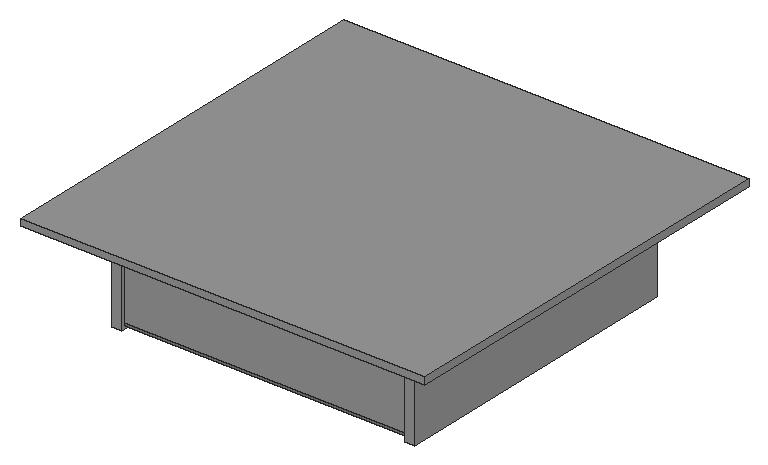
Revit family "Berica 2.0 M", category Lighting Fixtures, Revit 2020 (continued)
Definition of nested family "Light Source Berica 2.0"
  Types (4, lengths in mm): name | Photometric Web File | built-in parameter 1150142
      3.54 4.01 4.47 5.09 5.69 6.70 7.97 10.42 \r\n14.95 23.40 32.35 42.00 51.12 59.54 66.74 71.92 77.45 \r\n81.16 84.71 87.44 89.76 91.57 93.20 94.49 95.74 96.77 \r\n97.76 98.67 99.35 100.22 100.93 101.69 102.39 103.10 \r\n103.74 104.46 104.99 105.53 106.08 106.64 107.23 107.76 \r\n108.27 108.86 109.35 109.81 110.35 110.80 111.42 112.07 \r\n112.85 113.57 114.10 114.57 115.04 115.39 115.73 116.01 \r\n116.29 116.47 116.56 116.62 116.69 \r\n116.69 116.63 116.55 116.43 116.26 115.93 115.72 115.33 \r\n114.99 114.64 114.20 113.77 113.16 112.51 111.71 110.91 \r\n110.20 109.60 109.04 108.50 107.89 107.27 106.59 105.83 \r\n105.17 104.50 103.76 103.04 102.21 101.39 100.58 99.61 \r\n98.63 97.56 96.51 95.51 94.43 93.30 92.26 91.09 89.93 \r\n88.68 87.16 85.63 84.09 82.00 79.96 77.47 74.67 71.47 \r\n67.68 63.69 58.72 53.06 46.93 39.77 32.35 24.97 17.18 \r\n11.54 8.32 6.55 5.56 4.90 4.33 3.87 3.41 3.01 2.64 2.25 \r\n1.87 1.50 1.17 0.84 0.65 0.59 0.54 0.49 0.43 0.38 0.33 \r\n0.28 0.23 0.18 0.14 0.09 0.06 0.04 0.03 0.03 0.03 0.03 \r\n0.03 0.04 0.06 0.09 0.14 0.18 0.23 0.28 0.33 0.38 0.43 \r\n0.49 0.54 0.59 0.65 0.84 1.17 1.50 1.87 2.25 2.64 3.01 \r\n3.41 3.87 4.33 4.90 5.56 6.55 8.32 11.54 17.18 24.97 \r\n32.35 39.77 46.93 53.06 58.72 63.69 67.68 71.47 74.67 \r\n77.47 79.96 82.00 84.09 85.63 87.16 88.68 89.93 91.09 \r\n92.26 93.30 94.43 95.51 96.51 97.56 98.63 99.61 100.58 \r\n101.39 102.21 103.04 103.76 104.50 105.17 105.83 106.59 \r\n107.27 107.89 108.50 109.04 109.60 110.20 110.91 111.71 \r\n112.51 113.16 113.77 114.20 114.64 114.99 115.33 115.72 \r\n115.93 116.26 116.43 116.55 116.63 116.69 \r\n116.69 116.63 116.62 116.49 116.34 116.05 115.73 115.43 \r\n115.04 114.76 114.34 113.98 113.53 112.92 112.19 111.53 \r\n110.81 110.07 109.42 108.61 107.82 107.10 106.22 105.52 \r\n104.72 103.88 103.00 102.08 101.04 99.96 98.92 97.84 \r\n96.62 95.38 94.26 93.05 91.75 90.57 89.27 87.94 86.57 \r\n85.15 83.66 82.02 80.40 78.75 76.91 75.05 73.06 70.79 \r\n68.50 65.91 63.12 60.13 56.95 53.67 49.90 45.80 41.71 \r\n36.85 32.05 27.00 21.35 16.35 11.75 9.01 7.27 6.24 5.51 \r\n4.88 4.26 3.74 3.22 2.72 2.27 1.85 1.49 1.27 1.11 0.96 \r\n0.82 0.68 0.56 0.44 0.33 0.23 0.14 0.08 0.05 0.04 0.04 \r\n0.04 0.05 0.08 0.14 0.23 0.33 0.44 0.56 0.68 0.82 0.96 \r\n1.11 1.27 1.49 1.85 2.27 2.72 3.22 3.74 4.26 4.88 5.51 \r\n6.24 7.27 9.01 11.75 16.35 21.35 27.00 32.05 36.85 41.71 \r\n45.80 49.90 53.67 56.95 60.13 63.12 65.91 68.50 70.79 \r\n73.06 75.05 76.91 78.75 80.40 82.02 83.66 85.15 86.57 \r\n87.94 89.27 90.57 91.75 93.05 94.26 95.38 96.62 97.84 \r\n98.92 99.96 101.04 102.08 103.00 103.88 104.72 105.52 \r\n106.22 107.10 107.82 108.61 109.42 110.07 110.81 111.53 \r\n112.19 112.92 113.53 113.98 114.34 114.76 115.04 115.43 \r\n115.73 116.05 116.34 116.49 116.62 116.63 116.69 \r\n116.69 116.65 116.57 116.49 116.30 116.09 115.77 115.46 \r\n115.11 114.77 114.38 114.05 113.62 113.07 112.46 111.87 \r\n111.30 110.64 109.98 109.32 108.53 107.56 106.68 105.61 \r\n104.72 103.61 102.65 101.54 100.35 99.09 97.91 96.63 \r\n95.30 94.04 92.54 91.22 89.61 88.35 86.94 85.46 83.88 \r\n82.38 80.81 79.15 77.42 75.57 73.81 71.68 69.80 67.53 \r\n65.41 63.10 60.77 58.16 55.88 53.35 50.72 47.97 45.13 \r\n42.44 39.48 36.70 33.65 30.71 27.56 24.79 21.54 18.82 \r\n15.68 12.72 9.98 8.13 6.89 5.99 5.26 4.60 3.97 3.35 2.85 \r\n2.36 2.02 1.68 1.38 1.09 0.83 0.56 0.35 0.18 0.09 0.05 \r\n0.05 0.05 0.09 0.18 0.35 0.56 0.83 1.09 1.38 1.68 2.02 \r\n2.36 2.85 3.35 3.97 4.60 5.26 5.99 6.89 8.13 9.98 12.72 \r\n15.68 18.82 21.54 24.79 27.56 30.71 33.65 36.70 39.48 \r\n42.44 45.13 47.97 50.72 53.35 55.88 58.16 60.77 63.10 \r\n65.41 67.53 69.80 71.68 73.81 75.57 77.42 79.15 80.81 \r\n82.38 83.88 85.46 86.94 88.35 89.61 91.22 92.54 94.04 \r\n95.30 96.63 97.91 99.09 100.35 101.54 102.65 103.61 \r\n104.72 105.61 106.68 107.56 108.53 109.32 109.98 110.64 \r\n111.30 111.87 112.46 113.07 113.62 114.05 114.38 114.77 \r\n115.11 115.46 115.77 116.09 116.30 116.49 116.57 116.65 \r\n116.69 \r\n116.69 116.71 116.67 116.55 116.39 116.16 115.88 115.53 \r\n115.21 114.85 114.59 114.18 113.79 113.21 112.62 112.12 \r\n111.58 110.94 110.38 109.61 108.85 108.01 107.16 106.29 \r\n105.38 104.30 103.21 102.05 100.65 99.44 98.00 96.73 \r\n95.15 93.65 92.09 90.58 88.93 87.40 85.74 84.06 82.43 \r\n80.56 78.95 76.94 75.15 73.07 71.14 69.06 67.09 64.93 \r\n62.79 60.60 58.19 55.92 53.47 51.41 48.85 46.60 44.15 \r\n41.79 39.24 37.14 34.63 32.30 29.95 27.72 25.63 23.45 \r\n21.48 19.54 17.60 15.75 14.11 12.27 10.86 9.21 7.94 6.65 \r\n5.76 4.95 4.27 3.58 3.04 2.47 1.92 1.42 0.95 0.57 0.27 \r\n0.11 0.07 0.11 0.27 0.57 0.95 1.42 1.92 2.47 3.04 3.58 \r\n4.27 4.95 5.76 6.65 7.94 9.21 10.86 12.27 14.11 15.75 \r\n17.60 19.54 21.48 23.45 25.63 27.72 29.95 32.30 34.63 \r\n37.14 39.24 41.79 44.15 46.60 48.85 51.41 53.47 55.92 \r\n58.19 60.60 62.79 64.93 67.09 69.06 71.14 73.07 75.15 \r\n76.94 78.95 80.56 82.43 84.06 85.74 87.40 88.93 90.58 \r\n92.09 93.65 95.15 96.73 98.00 99.44 100.65 102.05 103.21 \r\n104.30 105.38 106.29 107.16 108.01 108.85 109.61 110.38 \r\n110.94 111.58 112.12 112.62 113.21 113.79 114.18 114.59 \r\n114.85 115.21 115.53 115.88 116.16 116.39 116.55 116.67 \r\n116.71 116.69 \r\n116.69 116.68 116.66 116.58 116.45 116.17 115.93 115.59 \r\n115.26 114.94 114.61 114.34 113.81 113.36 112.73 112.25 \r\n111.72 111.09 110.47 109.79 108.93 108.06 107.21 106.34 \r\n105.45 104.40 103.26 102.13 100.85 99.55 98.46 97.05 \r\n95.79 94.26 92.81 91.25 89.67 88.04 86.45 84.70 82.81 \r\n81.05 78.97 77.16 74.99 73.04 70.85 68.66 66.32 64.31 \r\n61.66 59.54 57.02 54.66 52.52 49.92 47.74 45.35 43.08 \r\n40.78 38.76 36.36 34.37 32.30 30.28 28.34 26.42 24.67 \r\n22.86 21.24 19.57 18.03 16.45 15.10 13.52 12.28 10.91 \r\n9.75 8.55 7.55 6.59 5.69 4.80 3.99 3.22 2.45 1.76 1.11 \r\n0.62 0.25 0.14 0.25 0.62 1.11 1.76 2.45 3.22 3.99 4.80 \r\n5.69 6.59 7.55 8.55 9.75 10.91 12.28 13.52 15.10 16.45 \r\n18.03 19.57 21.24 22.86 24.67 26.42 28.34 30.28 32.30 \r\n34.37 36.36 38.76 40.78 43.08 45.35 47.74 49.92 52.52 \r\n54.66 57.02 59.54 61.66 64.31 66.32 68.66 70.85 73.04 \r\n74.99 77.16 78.97 81.05 82.81 84.70 86.45 88.04 89.67 \r\n91.25 92.81 94.26 95.79 97.05 98.46 99.55 100.85 102.13 \r\n103.26 104.40 105.45 106.34 107.21 108.06 108.93 109.79 \r\n110.47 111.09 111.72 112.25 112.73 113.36 113.81 114.34 \r\n114.61 114.94 115.26 115.59 115.93 116.17 116.45 116.58 \r\n116.66 116.68 116.69 \r\n116.69 116.69 116.73 116.65 116.53 116.31 116.02 115.68 \r\n115.39 115.13 114.82 114.43 114.05 113.55 113.00 112.45 \r\n111.98 111.38 110.74 110.03 109.15 108.27 107.39 106.63 \r\n105.60 104.64 103.50 102.38 101.19 99.98 98.78 97.44 \r\n96.08 94.67 93.38 91.80 90.25 88.56 86.85 85.06 83.34 \r\n81.37 79.59 77.55 75.54 73.33 71.26 69.10 66.87 64.69 \r\n62.41 60.11 57.62 55.31 52.93 50.84 48.40 46.14 43.94 \r\n41.75 39.51 37.39 35.27 33.32 31.17 29.44 27.70 25.86 \r\n24.16 22.45 20.82 19.26 17.79 16.32 15.08 13.67 12.46 \r\n11.15 10.09 8.85 7.88 6.82 5.91 4.97 4.09 3.26 2.46 1.71 \r\n1.08 0.60 0.46 0.60 1.08 1.71 2.46 3.26 4.09 4.97 5.91 \r\n6.82 7.88 8.85 10.09 11.15 12.46 13.67 15.08 16.32 17.79 \r\n19.26 20.82 22.45 24.16 25.86 27.70 29.44 31.17 33.32 \r\n35.27 37.39 39.51 41.75 43.94 46.14 48.40 50.84 52.93 \r\n55.31 57.62 60.11 62.41 64.69 66.87 69.10 71.26 73.33 \r\n75.54 77.55 79.59 81.37 83.34 85.06 86.85 88.56 90.25 \r\n91.80 93.38 94.67 96.08 97.44 98.78 99.98 101.19 102.38 \r\n103.50 104.64 105.60 106.63 107.39 108.27 109.15 110.03 \r\n110.74 111.38 111.98 112.45 113.00 113.55 114.05 114.43 \r\n114.82 115.13 115.39 115.68 116.02 116.31 116.53 116.65 \r\n116.73 116.69 116.69 \r\n"
  Reference planes
    plane 1 "Light Source Axis (F/B)": y = 0
    plane 2: z = 0
    plane 3 "Light Source Axis (L/R)": x = 0
    plane 4 "Light Source Elevation": z = 0
  Dimensions and locks
    aligned and locked: plane 3 "Light Source Axis (L/R)" to imposter light
    aligned and locked: plane 1 "Light Source Axis (F/B)" to imposter light
    aligned and locked: plane 4 "Light Source Elevation" to imposter light
    aligned and locked: level to plane 2
    aligned and locked: plane 4 "Light Source Elevation" to level
Types (4, lengths in mm): name | Power cables | Optics | Light source
  Berica 2.0 L 45°x96° | "" | "45°x96°" | Light Source Berica 2.0 : L 45°x96°
  Berica 2.0 K 57°x90° | "" | "57°x90°" | Light Source Berica 2.0 : K 57°x90°
  Berica 2.0 diffuse | "" | "diffuse" | Light Source Berica 2.0 : diffuse
  Berica 2.0 asymmetrical | "-" | "asymmetrical" | Light Source Berica 2.0 : asymmetrical
